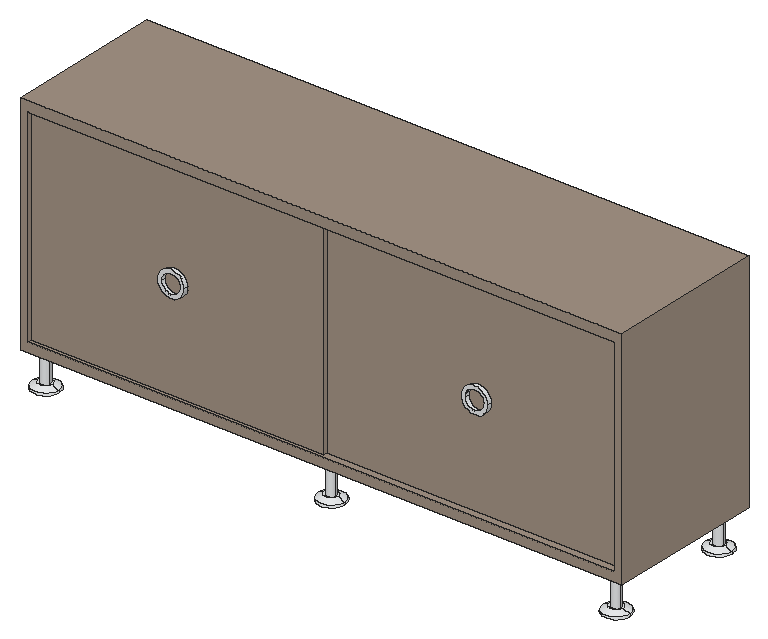
Revit family "Mobydisc 485", category Мебель, Revit 2017
Family settings
  Номер OmniClass = 23.40.20.00
  Заголовок OmniClass = General Furniture and Specialties
  На основе рабочей плоскости = Нет
  Всегда вертикально = Да
  При загрузке вырезать с полостями = Нет
  Общий = Нет
  Точка расчета площади = Нет
Parameters (values of type "FV-485")
  Surface = Skandiform Wood Birch
  URL = "http://file-system.ru/catalog/zdaniya_i_sooruzheniya/interer/mebel/_mobydisc_fv_485_skandiform_tumba/"
  Комментарии к типоразмеру = "Created by Astacus AB"
  Группа модели = "FV-485"
  Изготовитель = "Skandiform"
  Ключевая пометка = "XBD.3"
  Height = 600 mm
  Handles = 567.209 mm
  Door = Skandiform Wood Birch
  Описание = "Storage unit with four compartments"
  Width = 1600 mm
  Leg Model = no
  Leg Width = yes
Reference planes
  plane 1 "Center (Front/Back)": y = 0
  plane 2: z = 0
  plane 3 "Center (Left/Right)": x = 0
Forms (mm)
  Revolve 1, solid, material "Skandiform Color Gray", visible <- "Leg Width"
    sketch origin (-405, -386.542, 0) x (1, 0, 0) y (0, 0, -1)
      loop
        line (-318, 0) -> (-353.884, 0) -> (-353.884, -90.405) -> (-342, -90.405) -> (-342, -12.849) -> (-335.736, -12.849) -> (-319.294, -4.83) -> (-318, 0)
      axis (-353.884, -90.405) -> (-353.884, 0)
    angle from 0 to 360
  Extrusion 2, solid, material "Skandiform Wood Birch" <- "Surface"
    sketch origin (-10, 0, 502.993) x (1, 0, 0) y (0, 0, 1)
      loop
        line (-790, 187.412) -> (-790, -412.588) -> (810, -412.588) -> (810, 187.412) -> (-790, 187.412)
      loop
        line (790, -386.588) -> (790, 161.412) -> (-770, 161.412) -> (-770, -386.588) -> (790, -386.588)
    from 0 to 419.808
  Extrusion 3, solid, material "Skandiform Wood Birch" <- "Door"
    sketch origin (-10, 0, -244.405) x (1, 0, 0) y (0, 1, 0)
      loop
        line (-770, -410) -> (10, -410) -> (10, -400) -> (790, -400) -> (790, -380) -> (-15, -380) -> (-15, -390) -> (-770, -390) -> (-770, -410)
    from 908.81 to 360.81
  Revolve 4, solid, material "Skandiform Color Gray", visible <- "Leg Width"
    sketch origin (1112.768, -386.542, 0) x (1, 0, 0) y (0, 0, -1)
      loop
        line (-318, 0) -> (-353.884, 0) -> (-353.884, -90.405) -> (-342, -90.405) -> (-342, -12.849) -> (-335.736, -12.849) -> (-319.294, -4.83) -> (-318, 0)
      axis (-353.884, -90.405) -> (-353.884, 0)
    angle from 0 to 360
  Revolve 5, solid, material "Skandiform Color Gray"
    sketch origin (355, -386.542, 0) x (1, 0, 0) y (0, 0, -1)
      loop
        line (-318, 0) -> (-353.884, 0) -> (-353.884, -90.405) -> (-342, -90.405) -> (-342, -12.849) -> (-335.736, -12.849) -> (-319.294, -4.83) -> (-318, 0)
      axis (-353.884, -90.405) -> (-353.884, 0)
    angle from 0 to 360
  Revolve 6, solid, material "Skandiform Color Gray"
    sketch origin (355, -41.542, 0) x (1, 0, 0) y (0, 0, -1)
      loop
        line (-318, 0) -> (-353.884, 0) -> (-353.884, -90.405) -> (-342, -90.405) -> (-342, -12.849) -> (-335.736, -12.849) -> (-319.294, -4.83) -> (-318, 0)
      axis (-353.884, -90.405) -> (-353.884, 0)
    angle from 0 to 360
  Revolve 7, solid, material "Skandiform Color Gray", visible <- "Leg Width"
    sketch origin (-405, -46.542, 0) x (1, 0, 0) y (0, 0, -1)
      loop
        line (-318, 0) -> (-353.884, 0) -> (-353.884, -90.405) -> (-342, -90.405) -> (-342, -12.849) -> (-335.736, -12.849) -> (-319.294, -4.83) -> (-318, 0)
      axis (-353.884, -90.405) -> (-353.884, 0)
    angle from 0 to 360
  Revolve 8, solid, material "Skandiform Color Gray", visible <- "Leg Width"
    sketch origin (1112.768, -46.542, 0) x (1, 0, 0) y (0, 0, -1)
      loop
        line (-318, 0) -> (-353.884, 0) -> (-353.884, -90.405) -> (-342, -90.405) -> (-342, -12.849) -> (-335.736, -12.849) -> (-319.294, -4.83) -> (-318, 0)
      axis (-353.884, -90.405) -> (-353.884, 0)
    angle from 0 to 360
  Extrusion 9, solid, material "Skandiform Wood Birch" <- "Surface"
    sketch origin (0, 0, 0) x (1, 0, 0) y (0, 0, 1)
      loop
        line (780, 664.405) -> (-780, 664.405) -> (-780, 116.405) -> (780, 116.405) -> (780, 664.405)
    from 0 to 23.609
  Extrusion 10, solid, material "Skandiform Color Gray", visible <- "Leg Width"
    sketch origin (-80, 0, -367.209) x (1, 0, 0) y (0, 0, 1)
      loop
        circle (-318.93, 754.419) r 35
      loop
        circle (-318.93, 754.419) r 25
    from 390 to 419.808
  Extrusion 11, solid, material "Skandiform Color Gray", visible <- "Leg Width"
    sketch origin (720, 0, -367.209) x (1, 0, 0) y (0, 0, 1)
      loop
        circle (-318.93, 754.419) r 35
      loop
        circle (-318.93, 754.419) r 25
    from 380 to 410
Lines and regions (mm)
  Masking region 1
    outline origin (-10, 0, 0) x (1, 0, 0) y (0, 1, 0)
      loop
        line (810, -419.808) -> (810, 0) -> (-790, 0) -> (-790, -419.808) -> (810, -419.808)
Dimensions and locks
  locked: Extrusion 2 to Extrusion 2 at 20  (x2)
  locked: Extrusion 2 to Extrusion 2 at 26  (x2)
  "Width": Extrusion 2 to Extrusion 2
  "Height": Extrusion 2 to Extrusion 2
  equal spacing: Extrusion 2, plane 3 "Center (Left/Right)", Extrusion 2
  locked: Extrusion 2 to level at 90.405
  Extrusion 3 to level = 116.405 mm
  equal spacing: Extrusion 2, Extrusion 3, Extrusion 2
  aligned and locked: level to plane 2
  aligned and locked: Extrusion 2 to Revolve 1
  aligned and locked: Extrusion 3 to Extrusion 2  (x4)
  aligned and locked: Masking region 1 to Extrusion 2  (x2)
  aligned and locked: Extrusion 9 sketch curve to Extrusion 2  (x4)
Automatic sketch dimensions
  plane 1 "Center (Front/Back)" to Masking region 1 sketch curve = 0 mm
  Masking region 1 sketch curve to plane 3 "Center (Left/Right)" = 800 mm
  plane 3 "Center (Left/Right)" to Masking region 1 sketch curve = 800 mm
  plane 1 "Center (Front/Back)" to Masking region 1 sketch curve = 419.808 mm
  Revolve 1 sketch curve to level = 0 mm
  Revolve 1 sketch curve to level = 9 mm
  Revolve 1 sketch curve to plane 3 "Center (Left/Right)" = 758.884 mm
  Revolve 1 sketch curve to Revolve 1 sketch curve = 0 mm
  Revolve 1 sketch curve to Revolve 1 sketch curve = 11.884 mm
  level to Revolve 1 sketch curve = 12.849 mm
  Revolve 1 sketch curve to Revolve 1 sketch curve = 6.264 mm
  level to Revolve 1 sketch curve = 4.83 mm
  Revolve 1 sketch curve to Revolve 1 sketch curve = 16.442 mm
  Revolve 1 sketch curve to Revolve 1 sketch curve = 1.294 mm
  Revolve 1 sketch curve to Revolve 1 sketch curve = 3.151 mm
  Revolve 1 sketch curve to Revolve 1 sketch curve = 74.405 mm
  level to Extrusion 2 sketch curve = 90.405 mm
  Extrusion 2 sketch curve to plane 3 "Center (Left/Right)" = 800 mm
  Extrusion 2 sketch curve to Extrusion 2 sketch curve = 20 mm  (x2)
  plane 3 "Center (Left/Right)" to Extrusion 2 sketch curve = 780 mm
  Extrusion 2 sketch curve to Extrusion 2 sketch curve = 26 mm  (x2)
  Extrusion 2 sketch curve to Extrusion 2 sketch curve = 548 mm
  Extrusion 3 sketch curve to plane 3 "Center (Left/Right)" = 0 mm
  Extrusion 3 sketch curve to plane 3 "Center (Left/Right)" = 25 mm
  Extrusion 3 sketch curve to Extrusion 3 sketch curve = 755 mm
  Extrusion 3 sketch curve to Extrusion 3 sketch curve = 780 mm
  plane 1 "Center (Front/Back)" to Extrusion 3 sketch curve = 410 mm
  plane 1 "Center (Front/Back)" to Extrusion 3 sketch curve = 400 mm
  Extrusion 3 sketch curve to Extrusion 3 sketch curve = 20 mm  (x2)
  Revolve 4 sketch curve to level = 0 mm
  Revolve 4 sketch curve to level = 9 mm
  plane 3 "Center (Left/Right)" to Revolve 4 sketch curve = 758.884 mm
  Revolve 4 sketch curve to Revolve 4 sketch curve = 0 mm
  Revolve 4 sketch curve to Revolve 4 sketch curve = 11.884 mm
  level to Revolve 4 sketch curve = 12.849 mm
  Revolve 4 sketch curve to Revolve 4 sketch curve = 6.264 mm
  level to Revolve 4 sketch curve = 4.83 mm
  Revolve 4 sketch curve to Revolve 4 sketch curve = 16.442 mm
  Revolve 4 sketch curve to Revolve 4 sketch curve = 1.294 mm
  Revolve 4 sketch curve to Revolve 4 sketch curve = 3.151 mm
  Revolve 4 sketch curve to Revolve 4 sketch curve = 74.405 mm
  Revolve 5 sketch curve to level = 0 mm
  plane 3 "Center (Left/Right)" to Revolve 5 sketch curve = 1.116 mm  (x2)
  Revolve 5 sketch curve to Revolve 5 sketch curve = 11.884 mm
  Revolve 5 sketch curve to Revolve 5 sketch curve = 6.264 mm
  level to Revolve 5 sketch curve = 4.83 mm
  Revolve 5 sketch curve to Revolve 5 sketch curve = 16.442 mm
  Revolve 5 sketch curve to Revolve 5 sketch curve = 1.294 mm
  level to Revolve 5 sketch curve = 12.849 mm
  Revolve 5 sketch curve to Revolve 5 sketch curve = 3.151 mm
  Revolve 5 sketch curve to Revolve 5 sketch curve = 74.405 mm
  Revolve 5 sketch curve to level = 9 mm
  Revolve 6 sketch curve to level = 0 mm
  plane 3 "Center (Left/Right)" to Revolve 6 sketch curve = 1.116 mm  (x2)
  Revolve 6 sketch curve to Revolve 6 sketch curve = 11.884 mm
  Revolve 6 sketch curve to Revolve 6 sketch curve = 6.264 mm
  level to Revolve 6 sketch curve = 4.83 mm
  Revolve 6 sketch curve to Revolve 6 sketch curve = 16.442 mm
  Revolve 6 sketch curve to Revolve 6 sketch curve = 1.294 mm
  level to Revolve 6 sketch curve = 12.849 mm
  Revolve 6 sketch curve to Revolve 6 sketch curve = 3.151 mm
  Revolve 6 sketch curve to Revolve 6 sketch curve = 74.405 mm
  Revolve 6 sketch curve to level = 9 mm
  Revolve 7 sketch curve to level = 0 mm
  Revolve 7 sketch curve to level = 9 mm
  Revolve 7 sketch curve to plane 3 "Center (Left/Right)" = 758.884 mm
  Revolve 7 sketch curve to Revolve 7 sketch curve = 0 mm
  Revolve 7 sketch curve to Revolve 7 sketch curve = 11.884 mm
  level to Revolve 7 sketch curve = 12.849 mm
  Revolve 7 sketch curve to Revolve 7 sketch curve = 6.264 mm
  level to Revolve 7 sketch curve = 4.83 mm
  Revolve 7 sketch curve to Revolve 7 sketch curve = 16.442 mm
  Revolve 7 sketch curve to Revolve 7 sketch curve = 1.294 mm
  Revolve 7 sketch curve to Revolve 7 sketch curve = 3.151 mm
  Revolve 7 sketch curve to Revolve 7 sketch curve = 74.405 mm
  Revolve 8 sketch curve to level = 0 mm
  Revolve 8 sketch curve to level = 9 mm
  plane 3 "Center (Left/Right)" to Revolve 8 sketch curve = 758.884 mm
  Revolve 8 sketch curve to Revolve 8 sketch curve = 0 mm
  Revolve 8 sketch curve to Revolve 8 sketch curve = 11.884 mm
  level to Revolve 8 sketch curve = 12.849 mm
  Revolve 8 sketch curve to Revolve 8 sketch curve = 6.264 mm
  level to Revolve 8 sketch curve = 4.83 mm
  Revolve 8 sketch curve to Revolve 8 sketch curve = 16.442 mm
  Revolve 8 sketch curve to Revolve 8 sketch curve = 1.294 mm
  Revolve 8 sketch curve to Revolve 8 sketch curve = 3.151 mm
  Revolve 8 sketch curve to Revolve 8 sketch curve = 74.405 mm
  Extrusion 10 sketch curve to Extrusion 10 sketch curve = 0 mm  (x2)
  Extrusion 10 sketch curve to plane 3 "Center (Left/Right)" = 398.93 mm
  level to Extrusion 10 sketch curve = 387.209 mm
  Extrusion 11 sketch curve to Extrusion 11 sketch curve = 0 mm  (x2)
  plane 3 "Center (Left/Right)" to Extrusion 11 sketch curve = 401.07 mm
  level to Extrusion 11 sketch curve = 387.209 mm
  radius of Extrusion 10 sketch curve = 35 mm
  radius of Extrusion 10 sketch curve = 25 mm
  radius of Extrusion 11 sketch curve = 35 mm
  radius of Extrusion 11 sketch curve = 25 mm
